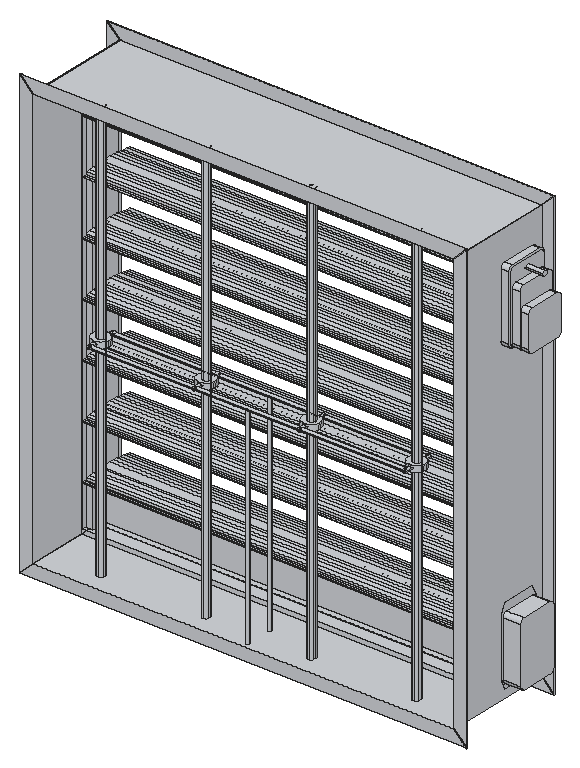
Revit family "X-11", category Mechanical Equipment, Revit 2015
Parameters
  URL = "http://unitedenertech.com/catalog/pdf/O_4%20X-11%20In%20Duct%20IAQ%20Station.pdf"
  Type Comments = "Max. Single Section Size is (60\"w x 72\"h)"
  Sleeve Width O.D. [instance] = Exact Width + 0' 3"  # 4' - 3"
  Sleeve Height O.D. [instance] = Exact Height + 0' 3"  # 4' - 3"
  Model = "X-11"
  (4) Tube Visibility [instance] = if(Exact Width > 2' 11 251/256", 2 > 1, 1 > 2)  # yes
  (3) Tube Visibility [instance] = if(and(Exact Width > 1' 11 251/256", Exact Width < 2' 11 251/256"), 2 > 1, 1 > 2)  # no
  (2) Tube Visibility [instance] = if(and(Exact Width > 0' 11 251/256", Exact Width < 1' 11 251/256"), 2 > 1, 1 > 2)  # no
  (1) Tube Visibility [instance] = if(Exact Width < 0' 11 251/256", 2 > 1, 1 > 2)  # no
  Manufacturer = "United Enertech Corporation"
  Keynote = "Flow Sensors set to visibility parameters, correct number and spacing will show when loaded into project."
  Exact Width = 4' - 0"
  Exact Height = 4' - 0"
  Description = "In Duct Air Quality Measuring Station with CD-150"
  Depth = 1' - 0 1/2"
  Damper Width [instance] = Exact Width - 0' 0 1/4"  # 3' - 11 3/4"
  Damper Height [instance] = Exact Height - 0' 0 1/4"  # 3' - 11 3/4"
Reference planes (in)
  plane 1 "Center (Front/Back)": y = 0
  plane 2: z = 0
  plane 3 "Center (Left/Right)": x = 0
  plane 4: x = -24
  plane 5: x = 24
  plane 6: z = 48
  plane 7: y = 12.5
  plane 8: z = 24
  plane 9: x = 24.0478
  plane 10: z = 44.62969
  plane 11: y = 2.1952
Forms (in)
  Extrusion 1, solid
    sketch origin (13, 0.1875, 0) x (1, 0, 0) y (0, 1, 0)
      loop
        circle (-13, 0.45626) r 0.1875
    from 0 to 24
  Extrusion 2, solid
    sketch origin (13, 3.29038, 0) x (1, 0, 0) y (0, 1, 0)
      loop
        circle (-13, 0.45626) r 0.1875
    from 0 to 24
Dimensions and locks (in)
  equal spacing: plane 4, plane 3 "Center (Left/Right)", plane 5
  "Exact Width": plane 4 to plane 5
  "Exact Height": plane 6 to level
  "Depth": plane 7 to plane 1 "Center (Front/Back)"
  equal spacing: plane 6, plane 8, level
  locked: plane 9 to plane 5 at 0.0478
  locked: plane 6 to plane 10 at 3.37031
  aligned and locked: level to plane 2
  aligned and locked: nested 1 to plane 4
  aligned and locked: plane 5 to nested 3
  aligned and locked: plane 3 "Center (Left/Right)" to nested 2
  aligned and locked: nested 4 to plane 3 "Center (Left/Right)"
  aligned and locked: level to nested 2
  aligned and locked: plane 6 to nested 4
  aligned and locked: plane 3 "Center (Left/Right)" to nested 5
  aligned and locked: plane 8 to Extrusion 1
  aligned and locked: plane 8 to Extrusion 2
  aligned and locked: plane 10 to nested 7
  aligned and locked: plane 9 to nested 7
  aligned and locked: plane 9 to nested 8
  aligned and locked: plane 3 "Center (Left/Right)" to nested 6
  aligned and locked: plane 11 to nested 9
  aligned and locked: plane 3 "Center (Left/Right)" to nested 9
  aligned and locked: plane 11 to nested 10
  aligned and locked: plane 3 "Center (Left/Right)" to nested 10
  aligned and locked: plane 11 to nested 11
  aligned and locked: plane 3 "Center (Left/Right)" to nested 11
Automatic sketch dimensions
  Extrusion 1 sketch curve to plane 3 "Center (Left/Right)" = 0' - 0"
  Extrusion 1 sketch curve to plane 1 "Center (Front/Back)" = 0' - 0.64376"
  Extrusion 2 sketch curve to plane 3 "Center (Left/Right)" = 0' - 0"
  Extrusion 2 sketch curve to plane 1 "Center (Front/Back)" = 0' - 3.74664"
  radius of Extrusion 1 sketch curve = 0' - 0 3/16"
  radius of Extrusion 2 sketch curve = 0' - 0 3/16"
Nested families (in)
  nested 1: "X11 Sleeve" at (-25.5, 5.5, -1.5), type "X11 Sleeve"
    with Sleeve Height 4' - 3"
  nested 2: "X11 Sleeve Sill" at (0, 12.5, -1.5), type "X11 Sleeve Sill"
    with Sleeve Length 4' - 3"
  nested 3: "X11 Sleeve" at (25.5, 5.5, -1.5) x (-1, 0, 0) z (0, 0, 1), type "X11 Sleeve"
    with Sleeve Height 4' - 3"
  nested 4: "X11 Sleeve Sill" at (0, 12.5, 49.5) x (1, 0, 0) z (0, 0, -1), type "X11 Sleeve Sill"
    with Sleeve Length 4' - 3"
  nested 5: "CD-150,151" at (0, 6.77656, 0.125), type "CD-150,151"
    with Blade Number 7, BW 3' - 9 13/16", Exact Width 3' - 11 3/4", Exact Height 3' - 11 3/4"
  nested 6: "Vertical Tubes" at (0, 2.1952, 0), visible <- "(1) Tube Visibility", type "Vertical Tubes"
    with Tube Height 4' - 0"
  nested 7: "Actuator" at (26.08359, 8.92639, 0), type "Actuator"
  nested 8: "Transducer" at (38.21171, 19.38188, 4.28734), type "Transducer"
  nested 9: "2 Tubes" at (0, 2.1952, 0), visible <- "(2) Tube Visibility", type "2 Tubes"
    with Tube End 1' - 0", Tube Width 4' - 0", Tube Height 4' - 0"
  nested 10: "3 Tubes" at (0, 2.1952, 0), visible <- "(3) Tube Visibility", type "3 Tubes"
    with Tube End 0' - 8", Tube Width 4' - 0", Tube Height 4' - 0"
  nested 11: "4 Tubes" at (0, 2.1952, 0), visible <- "(4) Tube Visibility", type "4 Tubes"
    with Tube Middle 1' - 0", Tube End 0' - 6", Tube Width 4' - 0", Tube Height 4' - 0"
Definition of nested family "X11 Sleeve"
  Parameters (values of type "X11 Sleeve")
    Sleeve Height = 3' - 0"
  Reference planes (in)
    plane 1 "Center (Front/Back)": y = 0
    plane 2: z = 0
    plane 3 "Center (Left/Right)": x = 0
    plane 4: z = 36
  Forms (in)
    Extrusion 1, solid
      sketch origin (34.47473, 6.1468, 0) x (1, 0, 0) y (0, 1, 0)
        loop
          line (-34.47473, -11.6468) -> (-32.97473, -11.6468) -> (-32.97473, 0.8532) -> (-34.47473, 0.8532) -> (-34.47473, 0.8054) -> (-33.02253, 0.8054) -> (-33.02253, -11.599) -> (-34.47473, -11.599) -> (-34.47473, -11.6468)
      from 0 to 36
    Extrusion 2, void
      sketch origin (1.56793, 0, -1.56793) x (1, 0, 0) y (0, 0, 1)
        loop
          line (-1.56793, 37.56793) -> (3.35876, 32.64124) -> (3.35876, 37.56793) -> (-1.56793, 37.56793)
      from -11.65041 to 12
    Extrusion 3, void
      sketch origin (1.56793, 0, 25.56793) x (1, 0, 0) y (0, 0, 1)
        loop
          line (-1.56793, -25.56793) -> (3.35876, -25.56793) -> (3.35876, -20.64124) -> (-1.56793, -25.56793)
      from -11.65041 to 12
  Cuts and joins
    Extrusion 2, Extrusion 3 cuts Extrusion 1
  Dimensions and locks (in)
    "Sleeve Height": plane 4 to level
    aligned and locked: level to plane 2
    aligned and locked: plane 4 to Extrusion 1
    aligned and locked: Extrusion 1 to level
    aligned and locked: plane 4 to Extrusion 2
  Automatic sketch dimensions
    Extrusion 1 sketch curve to plane 3 "Center (Left/Right)" = 0' - 0"  (x2)
    Extrusion 1 sketch curve to Extrusion 1 sketch curve = 0' - 1.4522"
    Extrusion 1 sketch curve to Extrusion 1 sketch curve = 0' - 0.0478"  (x3)
    plane 1 "Center (Front/Back)" to Extrusion 1 sketch curve = 0' - 5 1/2"
    Extrusion 1 sketch curve to plane 1 "Center (Front/Back)" = 0' - 6.9522"
    Extrusion 2 sketch curve to plane 4 = 0' - 0"
    plane 3 "Center (Left/Right)" to Extrusion 2 sketch curve = 0' - 0"
    Extrusion 2 sketch curve to Extrusion 2 sketch curve = 0' - 4.92669"
    Extrusion 2 sketch curve to plane 4 = 0' - 4.92669"
    Extrusion 3 sketch curve to plane 3 "Center (Left/Right)" = 0' - 0"
    Extrusion 3 sketch curve to Extrusion 3 sketch curve = 0' - 4.92669"  (x2)
    Extrusion 3 sketch curve to level = 0' - 4.92669"
Definition of nested family "X11 Sleeve Sill"
  Parameters (values of type "X11 Sleeve Sill")
    Sleeve Length = 3' - 0"
  Reference planes (in)
    plane 1 "Center (Front/Back)": y = 0
    plane 2: z = 0
    plane 3 "Center (Left/Right)": x = 0
    plane 4: x = -18
    plane 5: x = 18
  Forms (in)
    Extrusion 1, solid
      sketch origin (-42.29598, -20.63756, 37.04598) x (0, 0, 1) y (0, -1, 0)
        loop
          line (-37.04598, -20.58976) -> (-37.04598, -20.63756) -> (-35.54598, -20.63756) -> (-35.54598, -8.13756) -> (-37.04598, -8.13756) -> (-37.04598, -8.18536) -> (-35.59378, -8.18536) -> (-35.59378, -20.58976) -> (-37.04598, -20.58976)
      from 24.29598 to 60.29598
    Extrusion 2, void
      sketch origin (10.42893, 0, 0.17893) x (1, 0, 0) y (0, 0, 1)
        loop
          line (-28.42893, -0.17893) -> (-21.17893, 7.07107) -> (-28.42893, 7.07107) -> (-28.42893, -0.17893)
      from -6.68931 to 21.72437
    Extrusion 3, void
      sketch origin (-20.10051, 0, 0.10051) x (1, 0, 0) y (0, 0, 1)
        loop
          line (38.10051, -0.10051) -> (38.10051, 9.89949) -> (28.10051, 9.89949) -> (38.10051, -0.10051)
      from -12.76887 to 21.72437
  Cuts and joins
    Extrusion 2, Extrusion 3 cuts Extrusion 1
  Dimensions and locks (in)
    equal spacing: plane 4, plane 3 "Center (Left/Right)", plane 5
    "Sleeve Length": plane 4 to plane 5
    aligned and locked: level to plane 2
    aligned and locked: plane 5 to Extrusion 1
    aligned and locked: plane 4 to Extrusion 1
    aligned and locked: plane 4 to Extrusion 2
    aligned and locked: plane 5 to Extrusion 3
  Automatic sketch dimensions
    Extrusion 1 sketch curve to level = 0' - 0"  (x2)
    Extrusion 1 sketch curve to plane 1 "Center (Front/Back)" = 0' - 0"
    plane 1 "Center (Front/Back)" to Extrusion 1 sketch curve = 0' - 0.0478"
    level to Extrusion 1 sketch curve = 0' - 1.4522"
    Extrusion 1 sketch curve to Extrusion 1 sketch curve = 0' - 0.0478"  (x2)
    Extrusion 1 sketch curve to Extrusion 1 sketch curve = 1' - 0.4044"
    level to Extrusion 2 sketch curve = 0' - 0"
    Extrusion 2 sketch curve to plane 4 = 0' - 7 1/4"
    level to Extrusion 2 sketch curve = 0' - 7 1/4"
    Extrusion 2 sketch curve to Extrusion 2 sketch curve = 0' - 7 1/4"
    level to Extrusion 3 sketch curve = 0' - 0"
    Extrusion 3 sketch curve to plane 5 = 0' - 10"
    level to Extrusion 3 sketch curve = 0' - 10"
    Extrusion 3 sketch curve to Extrusion 3 sketch curve = 0' - 10"
Definition of nested family "CD-150,151"
  Parameters (values of type "CD-150,151")
    URL = "http://unitedenertech.com/catalog/pdf/A_9,%2010,%2011,%2012%20CD-150,%20151.pdf"
    Type Comments = "Max. Single Section Size is (60\"w x 72\"h)"
    Model = "CD-150, CD-151"
    Manufacturer = "United Enertech Corporation"
    Keynote = "This model is only a representation of the product, blade position will vary from built dampers."
    Exact Width = 4' - 0"
    Exact Height = 4' - 2"
    Description = "Airfoil Opposed Blade / Parallel Blade Control Damper"
    Blade Spacing = 0' - 6 1/4"
    Blade Number [instance] = rounddown((Exact Height - 0' 2 3/4") / Blade Spacing)  # 7
    BW [instance] = Exact Width - 0' 1 15/16"  # 3' - 10 1/16"
  Reference planes (in)
    plane 1 "Center (Front/Back)": y = 0
    plane 2: z = 0
    plane 3 "Center (Left/Right)": x = 0
    plane 4: x = -24
    plane 5: x = 24
    plane 6: z = 50
    plane 7: z = 0.5
    plane 8: z = 49.5
    plane 9: x = -23.125
    plane 10: x = 23.125
    plane 11: z = 46.20312
  Forms (in)
    Extrusion 1, solid
      sketch origin (-10.94563, 56.53311, 0) x (0, 1, 0) y (-1, 0, 0)
        loop
          line (-56.53311, 12.97437) -> (-56.07011, 12.97437) -> (-56.07011, 12.17937) -> (-52.49611, 12.17937) -> (-52.49611, 12.97437) -> (-52.03311, 12.97437) -> (-52.03311, 13.05437) -> (-52.57611, 13.05437) -> (-52.57611, 12.46516) -> (-52.61757, 12.51649) -> (-52.6794, 12.56048) -> (-52.75426, 12.58054) -> (-52.77072, 12.48933)
          arc (-52.77072, 12.48933) -> (-52.68095, 12.36712) -> (-52.81664, 12.43482) r 0.078
          line (-52.81664, 12.43482) -> (-52.90129, 12.4267) -> (-52.87778, 12.33896) -> (-52.8428, 12.29687) -> (-52.79089, 12.25937) -> (-55.76027, 12.25937) -> (-55.71053, 12.30912) -> (-55.67609, 12.36632) -> (-55.67078, 12.44579) -> (-55.75297, 12.44579)
          arc (-55.75297, 12.44579) -> (-55.87883, 12.36035) -> (-55.80226, 12.4918) r 0.078
          line (-55.80226, 12.4918) -> (-55.81534, 12.5768) -> (-55.90864, 12.5518) -> (-55.94901, 12.51604) -> (-55.99011, 12.45116) -> (-55.99011, 13.05437) -> (-56.53311, 13.05437) -> (-56.53311, 12.97437)
      from 0.5 to 49.5
    Extrusion 2, solid
      sketch origin (10.94563, 56.53311, 0) x (0, 1, 0) y (-1, 0, 0)
        loop
          line (-56.53311, -12.97437) -> (-56.53311, -13.05437) -> (-55.99011, -13.05437) -> (-55.99011, -12.45116) -> (-55.94901, -12.51604) -> (-55.90864, -12.5518) -> (-55.81534, -12.5768) -> (-55.80226, -12.4918)
          arc (-55.80226, -12.4918) -> (-55.87883, -12.36035) -> (-55.75297, -12.44579) r 0.078
          line (-55.75297, -12.44579) -> (-55.67078, -12.44579) -> (-55.67609, -12.36632) -> (-55.71053, -12.30912) -> (-55.76027, -12.25937) -> (-52.79089, -12.25937) -> (-52.8428, -12.29687) -> (-52.87778, -12.33896) -> (-52.90129, -12.4267) -> (-52.81664, -12.43482)
          arc (-52.81664, -12.43482) -> (-52.68095, -12.36712) -> (-52.77072, -12.48933) r 0.078
          line (-52.77072, -12.48933) -> (-52.75426, -12.58054) -> (-52.6794, -12.56048) -> (-52.61757, -12.51649) -> (-52.57611, -12.46516) -> (-52.57611, -13.05437) -> (-52.03311, -13.05437) -> (-52.03311, -12.97437) -> (-52.49611, -12.97437) -> (-52.49611, -12.17937) -> (-56.07011, -12.17937) -> (-56.07011, -12.97437) -> (-56.53311, -12.97437)
      from 0.5 to 49.5
    Extrusion 3, solid
      sketch origin (-23.46325, -52.03311, -12.20737) x (0, -1, 0) y (0, 0, 1)
        loop
          line (-56.34511, 12.28737) -> (-56.45311, 12.28737) -> (-56.45311, 12.62737) -> (-52.11311, 12.62737) -> (-52.11311, 12.28737) -> (-52.22111, 12.28737) -> (-52.22111, 12.20737) -> (-52.03311, 12.20737) -> (-52.03311, 12.70737) -> (-56.53311, 12.70737) -> (-56.53311, 12.20737) -> (-56.34511, 12.20737) -> (-56.34511, 12.28737)
      from -47.46325 to 0.53675
    Extrusion 4, solid
      sketch origin (-35.31788, -52.03311, 54.20737) x (0, -1, 0) y (0, 0, -1)
        loop
          line (-56.34511, 4.28737) -> (-56.45311, 4.28737) -> (-56.45311, 4.62737) -> (-52.11311, 4.62737) -> (-52.11311, 4.28737) -> (-52.22111, 4.28737) -> (-52.22111, 4.20737) -> (-52.03311, 4.20737) -> (-52.03311, 4.70737) -> (-56.53311, 4.70737) -> (-56.53311, 4.20737) -> (-56.34511, 4.20737) -> (-56.34511, 4.28737)
      from 11.31788 to 59.31788
    Extrusion 5, solid
      sketch origin (-54.80861, -46.85261, 19.59636) x (0, -1, 0) y (0, 0, -1)
        loop
          line (-49.18361, -29.40464) -> (-49.18361, -29.90364) -> (-48.43361, -29.90364) -> (-48.43361, -29.82364) -> (-49.10261, -29.82364) -> (-49.10261, -29.40464) -> (-49.18361, -29.40464)
      from 31.68361 to 77.93361
    Extrusion 6, solid
      sketch origin (0, -0.20948, -0.41805) x (0, 1, 0) y (0, 0, 1)
        loop
          line (2.45948, 4.91805) -> (2.38136, 4.91805) -> (2.38136, 0.99617) -> (1.70948, 0.99617) -> (1.70948, 0.91805) -> (2.45948, 0.91805) -> (2.45948, 4.91805)
      from -23.125 to 23.125
  Dimensions and locks (in)
    equal spacing: plane 4, plane 3 "Center (Left/Right)", plane 5
    "Exact Width": plane 4 to plane 5
    "Exact Height": plane 6 to level
    locked: plane 7 to level at 0.5
    locked: plane 6 to plane 8 at 0.5
    locked: plane 4 to plane 9 at 0.875
    locked: plane 10 to plane 5 at 0.875
    locked: plane 6 to plane 11 at 3.79688
    equal spacing: group 1, group 2, group 3, group 4, group 5, group 6, group 7  (x2)
    equal spacing: group 7, group 6, group 5, group 4, group 3, group 2, group 1
    "Blade Spacing": nested 2 to nested 1
    aligned and locked: level to plane 2
    aligned and locked: Extrusion 1 to plane 7
    aligned and locked: Extrusion 2 to plane 7
    aligned and locked: plane 5 to Extrusion 3
    aligned and locked: plane 4 to Extrusion 3
    aligned and locked: plane 6 to Extrusion 4
    aligned and locked: plane 5 to Extrusion 4
    aligned and locked: plane 4 to Extrusion 4
    aligned and locked: plane 8 to Extrusion 1
    aligned and locked: plane 8 to Extrusion 2
    aligned and locked: Extrusion 5 to Extrusion 4
    aligned and locked: plane 10 to Extrusion 5
    aligned and locked: Extrusion 5 to plane 9
    aligned and locked: nested 1 to plane 11
    aligned and locked: Extrusion 6 to plane 9
    aligned and locked: plane 10 to Extrusion 6
  Automatic sketch dimensions
    plane 1 "Center (Front/Back)" to Extrusion 1 sketch curve = 0' - 0"
    Extrusion 1 sketch curve to plane 9 = 0' - 0"
    Extrusion 1 sketch curve to plane 4 = 0' - 0"  (x2)
    Extrusion 1 sketch curve to plane 4 = 0' - 0.08"  (x2)
    Extrusion 1 sketch curve to plane 1 "Center (Front/Back)" = 0' - 0.463"
    Extrusion 1 sketch curve to Extrusion 1 sketch curve = 0' - 0.08"  (x2)
    Extrusion 1 sketch curve to Extrusion 1 sketch curve = 0' - 0.0411"
    Extrusion 1 sketch curve to Extrusion 1 sketch curve = 0' - 0.04037"
    Extrusion 1 sketch curve to Extrusion 1 sketch curve = 0' - 0.08303"
    Extrusion 1 sketch curve to Extrusion 1 sketch curve = 0' - 0.0933"
    Extrusion 1 sketch curve to plane 9 = 0' - 0.31242"
    Extrusion 1 sketch curve to Extrusion 1 sketch curve = 0' - 0.02335"
    Extrusion 1 sketch curve to plane 9 = 0' - 0.08"
    Extrusion 1 sketch curve to Extrusion 1 sketch curve = 0' - 0.06534"
    Extrusion 1 sketch curve to Extrusion 1 sketch curve = 0' - 0.04929"
    Extrusion 1 sketch curve to plane 9 = 0' - 0.12974"
    Extrusion 1 sketch curve to Extrusion 1 sketch curve = 0' - 0.04974"
    Extrusion 1 sketch curve to plane 9 = 0' - 0.18694"
    Extrusion 1 sketch curve to Extrusion 1 sketch curve = 0' - 0.03444"
    Extrusion 1 sketch curve to Extrusion 1 sketch curve = 0' - 0.00531"
    Extrusion 1 sketch curve to plane 9 = 0' - 0.24733"
    Extrusion 1 sketch curve to Extrusion 1 sketch curve = 0' - 2.76949"
    Extrusion 1 sketch curve to plane 9 = 0' - 0.15959"
    Extrusion 1 sketch curve to Extrusion 1 sketch curve = 0' - 0.02351"
    Extrusion 1 sketch curve to plane 9 = 0' - 0.11749"
    Extrusion 1 sketch curve to Extrusion 1 sketch curve = 0' - 0.03498"
    Extrusion 1 sketch curve to plane 9 = 0' - 0.25544"
    Extrusion 1 sketch curve to Extrusion 1 sketch curve = 0' - 0.08465"
    Extrusion 1 sketch curve to Extrusion 1 sketch curve = 0' - 0.05191"
    Extrusion 1 sketch curve to plane 9 = 0' - 0.30996"
    Extrusion 1 sketch curve to Extrusion 1 sketch curve = 0' - 0.04592"
    Extrusion 1 sketch curve to plane 9 = 0' - 0.40116"
    Extrusion 1 sketch curve to Extrusion 1 sketch curve = 0' - 0.01646"
    Extrusion 1 sketch curve to Extrusion 1 sketch curve = 0' - 0.03011"
    Extrusion 1 sketch curve to plane 9 = 0' - 0.3811"
    Extrusion 1 sketch curve to Extrusion 1 sketch curve = 0' - 0.07486"
    Extrusion 1 sketch curve to plane 9 = 0' - 0.33712"
    Extrusion 1 sketch curve to Extrusion 1 sketch curve = 0' - 0.06183"
    Extrusion 1 sketch curve to Extrusion 1 sketch curve = 0' - 0.04146"
    Extrusion 1 sketch curve to Extrusion 1 sketch curve = 0' - 0.463"
    Extrusion 1 sketch curve to Extrusion 1 sketch curve = 0' - 0.07442"
    Extrusion 1 sketch curve to Extrusion 1 sketch curve = 0' - 0.03378"
    Extrusion 1 sketch curve to Extrusion 1 sketch curve = 0' - 0.05133"
    Extrusion 1 sketch curve to Extrusion 1 sketch curve = 0' - 0.06488"
    Extrusion 1 sketch curve to Extrusion 1 sketch curve = 0' - 0.03576"
    Extrusion 1 sketch curve to Extrusion 1 sketch curve = 0' - 0.085"
    plane 1 "Center (Front/Back)" to Extrusion 2 sketch curve = 0' - 0"
    Extrusion 2 sketch curve to plane 10 = 0' - 0"
    Extrusion 2 sketch curve to plane 5 = 0' - 0"  (x2)
    plane 5 to Extrusion 2 sketch curve = 0' - 0.08"  (x2)
    Extrusion 2 sketch curve to Extrusion 2 sketch curve = 0' - 0.463"  (x2)
    Extrusion 2 sketch curve to Extrusion 2 sketch curve = 0' - 0.08"  (x2)
    Extrusion 2 sketch curve to Extrusion 2 sketch curve = 0' - 0.0411"
    Extrusion 2 sketch curve to Extrusion 2 sketch curve = 0' - 0.04037"
    Extrusion 2 sketch curve to Extrusion 2 sketch curve = 0' - 0.08303"
    Extrusion 2 sketch curve to Extrusion 2 sketch curve = 0' - 0.0933"
    Extrusion 2 sketch curve to plane 10 = 0' - 0.31242"
    Extrusion 2 sketch curve to Extrusion 2 sketch curve = 0' - 0.02335"
    Extrusion 2 sketch curve to plane 10 = 0' - 0.08"
    Extrusion 2 sketch curve to Extrusion 2 sketch curve = 0' - 0.06534"
    Extrusion 2 sketch curve to Extrusion 2 sketch curve = 0' - 0.04929"
    Extrusion 2 sketch curve to plane 10 = 0' - 0.12974"
    Extrusion 2 sketch curve to Extrusion 2 sketch curve = 0' - 0.04974"
    Extrusion 2 sketch curve to plane 10 = 0' - 0.18694"
    Extrusion 2 sketch curve to Extrusion 2 sketch curve = 0' - 0.03444"
    Extrusion 2 sketch curve to Extrusion 2 sketch curve = 0' - 0.00531"
    Extrusion 2 sketch curve to plane 10 = 0' - 0.24733"
    Extrusion 2 sketch curve to Extrusion 2 sketch curve = 0' - 2.76949"
    Extrusion 2 sketch curve to plane 10 = 0' - 0.15959"
    Extrusion 2 sketch curve to Extrusion 2 sketch curve = 0' - 0.02351"
    Extrusion 2 sketch curve to plane 10 = 0' - 0.11749"
    Extrusion 2 sketch curve to Extrusion 2 sketch curve = 0' - 0.03498"
    Extrusion 2 sketch curve to plane 10 = 0' - 0.25544"
    Extrusion 2 sketch curve to Extrusion 2 sketch curve = 0' - 0.08465"
    Extrusion 2 sketch curve to Extrusion 2 sketch curve = 0' - 0.05191"
    Extrusion 2 sketch curve to plane 10 = 0' - 0.30996"
    Extrusion 2 sketch curve to Extrusion 2 sketch curve = 0' - 0.04592"
    Extrusion 2 sketch curve to plane 10 = 0' - 0.40116"
    Extrusion 2 sketch curve to Extrusion 2 sketch curve = 0' - 0.01646"
    Extrusion 2 sketch curve to Extrusion 2 sketch curve = 0' - 0.07602"
    Extrusion 2 sketch curve to plane 10 = 0' - 0.3811"
    Extrusion 2 sketch curve to Extrusion 2 sketch curve = 0' - 0.07486"
    Extrusion 2 sketch curve to plane 10 = 0' - 0.33712"
    Extrusion 2 sketch curve to Extrusion 2 sketch curve = 0' - 0.06183"
    Extrusion 2 sketch curve to Extrusion 2 sketch curve = 0' - 0.04146"
    Extrusion 2 sketch curve to Extrusion 2 sketch curve = 0' - 0.07442"
    Extrusion 2 sketch curve to Extrusion 2 sketch curve = 0' - 0.03378"
    Extrusion 2 sketch curve to Extrusion 2 sketch curve = 0' - 0.05133"
    Extrusion 2 sketch curve to Extrusion 2 sketch curve = 0' - 0.06488"
    Extrusion 2 sketch curve to Extrusion 2 sketch curve = 0' - 0.03576"
    Extrusion 2 sketch curve to Extrusion 2 sketch curve = 0' - 0.085"
    Extrusion 3 sketch curve to level = 0' - 0"  (x2)
    Extrusion 3 sketch curve to plane 7 = 0' - 0"
    Extrusion 3 sketch curve to plane 1 "Center (Front/Back)" = 0' - 0"
    Extrusion 3 sketch curve to plane 1 "Center (Front/Back)" = 0' - 0.08"
    Extrusion 3 sketch curve to Extrusion 3 sketch curve = 0' - 0.108"  (x2)
    Extrusion 3 sketch curve to Extrusion 3 sketch curve = 0' - 4.124"
    Extrusion 3 sketch curve to plane 7 = 0' - 0.08"
    Extrusion 3 sketch curve to Extrusion 3 sketch curve = 0' - 0.08"
    level to Extrusion 3 sketch curve = 0' - 0.08"  (x2)
    plane 8 to Extrusion 4 sketch curve = 0' - 0"
    Extrusion 4 sketch curve to plane 6 = 0' - 0"  (x2)
    Extrusion 4 sketch curve to plane 1 "Center (Front/Back)" = 0' - 0"
    Extrusion 4 sketch curve to plane 1 "Center (Front/Back)" = 0' - 0.08"
    Extrusion 4 sketch curve to Extrusion 4 sketch curve = 0' - 0.108"  (x2)
    Extrusion 4 sketch curve to plane 6 = 0' - 0.08"  (x2)
    Extrusion 4 sketch curve to Extrusion 4 sketch curve = 0' - 4.124"
    Extrusion 4 sketch curve to Extrusion 4 sketch curve = 0' - 0.08"
    plane 8 to Extrusion 4 sketch curve = 0' - 0.08"
    plane 7 to Extrusion 5 sketch curve = 4' - 1"
    Extrusion 5 sketch curve to plane 1 "Center (Front/Back)" = 0' - 2.331"
    Extrusion 5 sketch curve to Extrusion 5 sketch curve = 0' - 0.081"
    Extrusion 5 sketch curve to Extrusion 5 sketch curve = 0' - 0.669"
    Extrusion 5 sketch curve to Extrusion 5 sketch curve = 0' - 0.08"
    Extrusion 5 sketch curve to Extrusion 5 sketch curve = 0' - 0.419"
    plane 7 to Extrusion 6 sketch curve = 0' - 0 5/64"
    Extrusion 6 sketch curve to plane 1 "Center (Front/Back)" = 0' - 1 1/2"
    Extrusion 6 sketch curve to plane 1 "Center (Front/Back)" = 0' - 2 11/64"
    Extrusion 6 sketch curve to Extrusion 6 sketch curve = 0' - 0 5/64"  (x2)
    Extrusion 6 sketch curve to Extrusion 6 sketch curve = 0' - 3 59/64"
  Nested families (in)
    nested 1: "150BL" at (0, 10.1786, 39.81342), type "150BL"
      with Blade Width 3' - 10 1/16"
    nested 2: "150BL" at (0, 10.1786, 33.56342), type "150BL"
      with Blade Width 3' - 10 1/16"
    nested 3: "150BL" at (0, 10.1786, 27.31342), type "150BL"
      with Blade Width 3' - 10 1/16"
    nested 4: "150BL" at (0, 10.1786, 21.06342), type "150BL"
      with Blade Width 3' - 10 1/16"
    nested 5: "150BL" at (0, 10.1786, 14.81342), type "150BL"
      with Blade Width 3' - 10 1/16"
    nested 6: "150BL" at (0, 10.1786, 8.56342), type "150BL"
      with Blade Width 3' - 10 1/16"
    nested 7: "150BL" at (0, 10.1786, 2.31342), type "150BL"
      with Blade Width 3' - 10 1/16"
  Definition of nested family "150BL"
    Parameters (values of type "150BL")
      Blade Width = 2' - 0"
    Reference planes (in)
      plane 1 "Center (Front/Back)": y = 0
      plane 2: z = 0
      plane 3 "Center (Left/Right)": x = 0
      plane 4: x = -12
      plane 5: x = 12
      plane 6: x = -13
      plane 7: x = -10
      plane 8: x = 10
      plane 9: x = 13
    Forms (in)
      Extrusion 1, solid
        sketch origin (-2.31356, 40.79672, -3.60269) x (0, 1, 0) y (0, 0, 1)
          loop
            line (-36.34156, 9.61771) -> (-36.32084, 9.54039) -> (-35.91646, 9.6284) -> (-35.52979, 9.70143) -> (-35.52979, 9.45594) -> (-35.10866, 9.38863) -> (-34.56147, 9.31504) -> (-33.98979, 9.2547) -> (-33.44761, 9.21299) -> (-32.30457, 9.21299) -> (-31.84572, 9.23281) -> (-31.11827, 9.29444) -> (-30.2516, 9.41611) -> (-29.72802, 9.51555) -> (-29.39051, 9.59023) -> (-29.41121, 9.66748) -> (-29.81927, 9.57842) -> (-30.20697, 9.50493) -> (-30.20697, 9.74845) -> (-30.5749, 9.80785) -> (-31.09993, 9.88042) -> (-31.53804, 9.93011) -> (-31.97601, 9.96997) -> (-32.28761, 9.99239) -> (-33.44926, 9.99239) -> (-34.00709, 9.96562) -> (-34.46872, 9.92725) -> (-34.91646, 9.87588) -> (-35.39441, 9.80551) -> (-35.81337, 9.73043) -> (-36.34156, 9.61771)
          loop
            line (-30.28697, 9.49123) -> (-30.28697, 9.68086) -> (-30.60239, 9.7311) -> (-31.0903, 9.79859) -> (-31.68303, 9.86403) -> (-32.29119, 9.91242) -> (-32.80024, 9.91242) -> (-32.57304, 9.68523) -> (-32.68722, 9.68523) -> (-32.86812, 9.86613) -> (-33.13163, 9.60279) -> (-32.86812, 9.33929) -> (-32.69003, 9.51737) -> (-32.57591, 9.51737) -> (-32.80029, 9.29299) -> (-32.57455, 9.29299) -> (-32.18907, 9.29646) -> (-31.42211, 9.34456) -> (-30.77365, 9.4172) -> (-30.28697, 9.49123)
          loop
            line (-35.44979, 9.71556) -> (-35.44979, 9.52354) -> (-34.79776, 9.42561) -> (-34.05369, 9.34096) -> (-33.4461, 9.29302) -> (-32.93603, 9.29302) -> (-33.24571, 9.60271) -> (-32.936, 9.91242) -> (-33.4472, 9.91242) -> (-33.92906, 9.8905) -> (-34.59722, 9.83347) -> (-35.15668, 9.76166) -> (-35.44979, 9.71556)
        from -9.68644 to 14.31356
      Extrusion 2, solid
        sketch origin (-2.31356, 40.743, -0.94078) x (0, 1, 0) y (0, 0, 1)
          loop
            line (-32.81439, 7.20422) -> (-33.0779, 6.94088) -> (-32.81439, 6.67738) -> (-32.55097, 6.9408) -> (-32.81439, 7.20422)
        from 12.31356 to 15.31356
      Extrusion 3, solid
        sketch origin (-35.56356, 40.743, -0.94078) x (0, 1, 0) y (0, 0, 1)
          loop
            line (-32.81439, 7.20422) -> (-33.0779, 6.94088) -> (-32.81439, 6.67738) -> (-32.55097, 6.9408) -> (-32.81439, 7.20422)
        from 22.56356 to 25.56356
    Dimensions and locks (in)
      equal spacing: plane 4, plane 3 "Center (Left/Right)", plane 5
      "Blade Width": plane 4 to plane 5
      locked: plane 6 to plane 4 at 1
      locked: plane 4 to plane 7 at 2
      locked: plane 8 to plane 5 at 2
      locked: plane 5 to plane 9 at 1
      aligned and locked: level to plane 2
      aligned and locked: plane 5 to Extrusion 1
      aligned and locked: plane 4 to Extrusion 1
      aligned and locked: plane 9 to Extrusion 2
      aligned and locked: plane 8 to Extrusion 2
      aligned and locked: plane 6 to Extrusion 3
      aligned and locked: Extrusion 3 to plane 7
    Automatic sketch dimensions
      Extrusion 1 sketch curve to plane 1 "Center (Front/Back)" = 0' - 4.45517"
      Extrusion 1 sketch curve to Extrusion 1 sketch curve = 0' - 0.02072"
      Extrusion 1 sketch curve to Extrusion 1 sketch curve = 0' - 0.40438"
      Extrusion 1 sketch curve to Extrusion 1 sketch curve = 0' - 0.10309"
      Extrusion 1 sketch curve to Extrusion 1 sketch curve = 0' - 0.28358"
      Extrusion 1 sketch curve to Extrusion 1 sketch curve = 0' - 0.08"  (x3)
      Extrusion 1 sketch curve to Extrusion 1 sketch curve = 0' - 0.05538"
      Extrusion 1 sketch curve to Extrusion 1 sketch curve = 0' - 0.23773"
      Extrusion 1 sketch curve to Extrusion 1 sketch curve = 0' - 0.34113"
      Extrusion 1 sketch curve to Extrusion 1 sketch curve = 0' - 0.24022"
      Extrusion 1 sketch curve to Extrusion 1 sketch curve = 0' - 0.3109"
      Extrusion 1 sketch curve to Extrusion 1 sketch curve = 0' - 0.31924"
      Extrusion 1 sketch curve to Extrusion 1 sketch curve = 0' - 0.23629"
      Extrusion 1 sketch curve to Extrusion 1 sketch curve = 0' - 0.12851"
      Extrusion 1 sketch curve to Extrusion 1 sketch curve = 0' - 0.50778"
      Extrusion 1 sketch curve to Extrusion 1 sketch curve = 0' - 0.46162"
      Extrusion 1 sketch curve to Extrusion 1 sketch curve = 0' - 0.0639"
      Extrusion 1 sketch curve to Extrusion 1 sketch curve = 0' - 0.07803"
      Extrusion 1 sketch curve to Extrusion 1 sketch curve = 0' - 0.47981"
      Extrusion 1 sketch curve to Extrusion 1 sketch curve = 0' - 0.54218"
      Extrusion 1 sketch curve to Extrusion 1 sketch curve = 0' - 0.00206"
      Extrusion 1 sketch curve to Extrusion 1 sketch curve = 0' - 0.00152"
      Extrusion 1 sketch curve to Extrusion 1 sketch curve = 0' - 0.20038"
      Extrusion 1 sketch curve to Extrusion 1 sketch curve = 0' - 0.11409"
      Extrusion 1 sketch curve to Extrusion 1 sketch curve = 0' - 0.1956"
      Extrusion 1 sketch curve to Extrusion 1 sketch curve = 0' - 0.19563"
      Extrusion 1 sketch curve to Extrusion 1 sketch curve = 0' - 0.06791"
      Extrusion 1 sketch curve to Extrusion 1 sketch curve = 0' - 0.06788"  (x2)
      Extrusion 1 sketch curve to Extrusion 1 sketch curve = 0' - 0.06783"
      Extrusion 1 sketch curve to Extrusion 1 sketch curve = 0' - 0.11025"
      Extrusion 1 sketch curve to Extrusion 1 sketch curve = 0' - 0.00282"
      Extrusion 1 sketch curve to Extrusion 1 sketch curve = 0' - 0.11413"
      Extrusion 1 sketch curve to Extrusion 1 sketch curve = 0' - 0.00136"
      Extrusion 1 sketch curve to Extrusion 1 sketch curve = 0' - 0.11417"
      Extrusion 1 sketch curve to Extrusion 1 sketch curve = 0' - 0.26998"
      Extrusion 1 sketch curve to Extrusion 1 sketch curve = 0' - 0.28185"
      Extrusion 1 sketch curve to Extrusion 1 sketch curve = 0' - 0.00359"
      Extrusion 1 sketch curve to Extrusion 1 sketch curve = 0' - 0.1155"
      Extrusion 1 sketch curve to Extrusion 1 sketch curve = 0' - 0.3116"
      Extrusion 1 sketch curve to Extrusion 1 sketch curve = 0' - 0.34335"
      Extrusion 1 sketch curve to Extrusion 1 sketch curve = 0' - 0 75/256"
      Extrusion 1 sketch curve to Extrusion 1 sketch curve = 0' - 0.14499"
      Extrusion 1 sketch curve to Extrusion 1 sketch curve = 0' - 0.42361"
      Extrusion 1 sketch curve to Extrusion 1 sketch curve = 0' - 0.30383"
      Extrusion 1 sketch curve to Extrusion 1 sketch curve = 0' - 0.43811"
      Extrusion 1 sketch curve to Extrusion 1 sketch curve = 0' - 0.00963"
      Extrusion 1 sketch curve to Extrusion 1 sketch curve = 0' - 0.34462"
      Extrusion 1 sketch curve to Extrusion 1 sketch curve = 0' - 0.17127"
      Extrusion 1 sketch curve to Extrusion 1 sketch curve = 0' - 0.02749"
      Extrusion 1 sketch curve to Extrusion 1 sketch curve = 0' - 0.31542"
      Extrusion 1 sketch curve to Extrusion 1 sketch curve = 0' - 0.03537"
      Extrusion 1 sketch curve to Extrusion 1 sketch curve = 0' - 0.3877"
      Extrusion 1 sketch curve to Extrusion 1 sketch curve = 0' - 0.09125"
      Extrusion 1 sketch curve to Extrusion 1 sketch curve = 0' - 0.31681"
      Extrusion 1 sketch curve to Extrusion 1 sketch curve = 0' - 0.0207"
      level to Extrusion 1 sketch curve = 0' - 5.6103"
      Extrusion 1 sketch curve to Extrusion 1 sketch curve = 0' - 0.01982"
      Extrusion 1 sketch curve to Extrusion 1 sketch curve = 0' - 0.04171"
      Extrusion 1 sketch curve to Extrusion 1 sketch curve = 0' - 0.00003"
      Extrusion 1 sketch curve to Extrusion 1 sketch curve = 0' - 0.06162"
      Extrusion 1 sketch curve to Extrusion 1 sketch curve = 0' - 0.08347"
      Extrusion 1 sketch curve to Extrusion 1 sketch curve = 0' - 0.06034"
      Extrusion 1 sketch curve to Extrusion 1 sketch curve = 0' - 0.04629"  (x3)
      Extrusion 1 sketch curve to Extrusion 1 sketch curve = 0' - 0.08627"
      Extrusion 1 sketch curve to Extrusion 1 sketch curve = 0' - 0.05012"
      Extrusion 1 sketch curve to Extrusion 1 sketch curve = 0' - 0.0736"
      Extrusion 1 sketch curve to Extrusion 1 sketch curve = 0' - 0.12167"
      Extrusion 1 sketch curve to Extrusion 1 sketch curve = 0' - 0.12276"
      Extrusion 1 sketch curve to Extrusion 1 sketch curve = 0' - 0.11057"
      Extrusion 1 sketch curve to Extrusion 1 sketch curve = 0' - 0.0673"
      Extrusion 1 sketch curve to Extrusion 1 sketch curve = 0' - 0.07512"  (x2)
      Extrusion 1 sketch curve to Extrusion 1 sketch curve = 0' - 0.0137"
      Extrusion 1 sketch curve to Extrusion 1 sketch curve = 0' - 0.01061"
      Extrusion 1 sketch curve to Extrusion 1 sketch curve = 0' - 0.22438"
      Extrusion 1 sketch curve to Extrusion 1 sketch curve = 0' - 0.0676"  (x2)
      Extrusion 1 sketch curve to Extrusion 1 sketch curve = 0' - 0.08446"
      Extrusion 1 sketch curve to Extrusion 1 sketch curve = 0' - 0.06287"
      Extrusion 1 sketch curve to Extrusion 1 sketch curve = 0' - 0.07468"
      Extrusion 1 sketch curve to Extrusion 1 sketch curve = 0' - 0.00008"
      Extrusion 1 sketch curve to Extrusion 1 sketch curve = 0' - 0.07732"
      Extrusion 1 sketch curve to Extrusion 1 sketch curve = 0' - 0.08801"
      Extrusion 1 sketch curve to Extrusion 1 sketch curve = 0' - 0.07726"
      Extrusion 1 sketch curve to Extrusion 1 sketch curve = 0' - 0.18963"
      Extrusion 1 sketch curve to Extrusion 1 sketch curve = 0' - 0.16786"
      Extrusion 1 sketch curve to Extrusion 1 sketch curve = 0' - 0.17789"
      Extrusion 1 sketch curve to Extrusion 1 sketch curve = 0' - 0.01413"
      Extrusion 1 sketch curve to Extrusion 1 sketch curve = 0' - 0.10203"
      Extrusion 1 sketch curve to Extrusion 1 sketch curve = 0' - 0.05024"
      Extrusion 1 sketch curve to Extrusion 1 sketch curve = 0' - 0.0461"
      Extrusion 1 sketch curve to Extrusion 1 sketch curve = 0' - 0.06749"
      Extrusion 1 sketch curve to Extrusion 1 sketch curve = 0' - 0.08995"
      Extrusion 1 sketch curve to Extrusion 1 sketch curve = 0' - 0.07675"
      Extrusion 1 sketch curve to Extrusion 1 sketch curve = 0' - 0.40786"
      Extrusion 1 sketch curve to Extrusion 1 sketch curve = 0' - 0.51947"
      Extrusion 1 sketch curve to Extrusion 1 sketch curve = 0' - 0.11422"
      Extrusion 1 sketch curve to Extrusion 1 sketch curve = 0' - 0.08183"
      Extrusion 1 sketch curve to Extrusion 1 sketch curve = 0' - 0.02193"
      Extrusion 1 sketch curve to Extrusion 1 sketch curve = 0' - 0.09378"
      Extrusion 1 sketch curve to Extrusion 1 sketch curve = 0' - 0.06608"
      Extrusion 1 sketch curve to Extrusion 1 sketch curve = 0' - 0.10594"
      Extrusion 1 sketch curve to Extrusion 1 sketch curve = 0' - 0.07997"
      Extrusion 2 sketch curve to plane 1 "Center (Front/Back)" = 0' - 7.6651"
      Extrusion 2 sketch curve to Extrusion 2 sketch curve = 0' - 0.26351"  (x2)
      Extrusion 2 sketch curve to Extrusion 2 sketch curve = 0' - 0.26342"  (x2)
      level to Extrusion 2 sketch curve = 0' - 5.73659"
      Extrusion 3 sketch curve to plane 1 "Center (Front/Back)" = 0' - 7.6651"
      Extrusion 3 sketch curve to Extrusion 3 sketch curve = 0' - 0.26351"  (x2)
      Extrusion 3 sketch curve to Extrusion 3 sketch curve = 0' - 0.26342"  (x2)
      level to Extrusion 3 sketch curve = 0' - 5.73659"
Definition of nested family "Vertical Tubes"
  Parameters (values of type "Vertical Tubes")
    Tube Height = 3' - 0"
  Reference planes (in)
    plane 1 "Center (Front/Back)": y = 0
    plane 2: z = 0
    plane 3 "Center (Left/Right)": x = 0
    plane 4: z = 18
    plane 5: z = 36
    plane 6: z = 17.6875
    plane 7: z = 18.3125
    plane 8: y = -1.73894
    plane 9: y = -0.74581
  Forms (in)
    Extrusion 1, solid
      sketch origin (0, 0, 0) x (1, 0, 0) y (0, 1, 0)
        loop
          arc (-0.40507, -0.1653) -> (-0.28804, -0.3293) -> (-0.10992, -0.42347) r 0.4375
          line (-0.10992, -0.42347) -> (0.10992, -0.42347)
          arc (0.10992, -0.42347) -> (0.28804, -0.3293) -> (0.40507, -0.1653) r 0.4375
          line (0.40507, -0.1653) -> (0.40507, 0.1653)
          arc (0.40507, 0.1653) -> (0.28804, 0.3293) -> (0.10992, 0.42347) r 0.4375
          line (0.10992, 0.42347) -> (-0.10992, 0.42347)
          arc (-0.10992, 0.42347) -> (-0.28804, 0.3293) -> (-0.40507, 0.1653) r 0.4375
          line (-0.40507, 0.1653) -> (-0.40507, -0.1653)
      from 0 to 36
    Extrusion 2, solid
      sketch origin (-4.5, 0, 0) x (1, 0, 0) y (0, 1, 0)
        loop
          arc (4.64833, -0.98894) -> (5.20195, -0.71223) -> (5.48668, -0.16268) r 1
          line (5.48668, -0.16268) -> (5.48668, 0.16268)
          arc (5.48668, 0.16268) -> (5.20195, 0.71223) -> (4.64833, 0.98894) r 1
          line (4.64833, 0.98894) -> (4.35167, 0.98894)
          arc (4.35167, 0.98894) -> (3.79805, 0.71223) -> (3.51332, 0.16268) r 1
          line (3.51332, 0.16268) -> (3.51332, -0.16268)
          arc (3.51332, -0.16268) -> (3.79805, -0.71223) -> (4.35167, -0.98894) r 1
          line (4.35167, -0.98894) -> (4.64833, -0.98894)
        loop
          arc (4.39008, 0.42347) -> (4.21196, 0.3293) -> (4.09493, 0.1653) r 0.4375
          line (4.09493, 0.1653) -> (4.09493, -0.1653)
          arc (4.09493, -0.1653) -> (4.21196, -0.3293) -> (4.39008, -0.42347) r 0.4375
          line (4.39008, -0.42347) -> (4.60992, -0.42347)
          arc (4.60992, -0.42347) -> (4.78804, -0.3293) -> (4.90507, -0.1653) r 0.4375
          line (4.90507, -0.1653) -> (4.90507, 0.1653)
          arc (4.90507, 0.1653) -> (4.78804, 0.3293) -> (4.60992, 0.42347) r 0.4375
          line (4.60992, 0.42347) -> (4.39008, 0.42347)
      from 17.6875 to 18.3125
    Extrusion 3, solid
      sketch origin (0, 0, 0) x (1, 0, 0) y (0, 0, 1)
        loop
          circle (0, 18) r 0.1875
      from 0.74581 to 1.73894
    Extrusion 4, solid
      sketch origin (0, 0, 0) x (1, 0, 0) y (0, 0, -1)
        loop
          circle (0, -18) r 0.1875
      from 0.74581 to 1.73894
  Lines and regions (in)
    model lines
      curve 1: line (-0.40507, -0.1653, 0) -> (-0.40507, 0.1653, 0)
      curve 2: line (-0.10992, 0.42347, 0) -> (0.10992, 0.42347, 0)
      curve 3: line (0.40507, -0.1653, 0) -> (0.40507, 0.1653, 0)
      curve 4: line (-0.10992, -0.42347, 0) -> (0.10992, -0.42347, 0)
      curve 5: arc (-0.40507, -0.1653, 0) -> (-0.28804, -0.3293, 0) -> (-0.10992, -0.42347, 0) r 0.4375
      curve 6: arc (0.10992, -0.42347, 0) -> (0.28804, -0.3293, 0) -> (0.40507, -0.1653, 0) r 0.4375
      curve 7: arc (-0.40507, 0.1653, 0) -> (-0.28804, 0.3293, 0) -> (-0.10992, 0.42347, 0) r 0.4375
      curve 8: arc (0.10992, 0.42347, 0) -> (0.28804, 0.3293, 0) -> (0.40507, 0.1653, 0) r 0.4375
  Dimensions and locks (in)
    equal spacing: plane 5, plane 4, level
    "Tube Height": plane 5 to level
    locked: plane 4 to plane 6 at 0.3125
    locked: plane 7 to plane 4 at 0.3125
    locked: plane 1 "Center (Front/Back)" to plane 9 at 0.74581
    locked: plane 9 to plane 8 at 0.99313
    aligned and locked: level to plane 2
    aligned and locked: plane 5 to Extrusion 1
    aligned and locked: plane 7 to Extrusion 2
    aligned and locked: plane 6 to Extrusion 2
    aligned and locked: Extrusion 3 to plane 8
    aligned and locked: plane 9 to Extrusion 3
  Automatic sketch dimensions
    curve 5 to curve 6 = 0' - 0"  (x2)
    curve 5 to curve 7 = 0' - 0"  (x2)
    curve 5 to curve 8 = 0' - 0"  (x2)
    curve 6 to curve 7 = 0' - 0"  (x2)
    curve 6 to curve 8 = 0' - 0"  (x2)
    curve 7 to curve 8 = 0' - 0"  (x2)
    plane 1 "Center (Front/Back)" to curve 5 = 0' - 0"
    curve 5 to plane 3 "Center (Left/Right)" = 0' - 0"
    curve 2 to plane 3 "Center (Left/Right)" = 0' - 0.10992"
    curve 4 to plane 3 "Center (Left/Right)" = 0' - 0.10992"
    plane 1 "Center (Front/Back)" to curve 1 = 0' - 0.1653"
    curve 1 to curve 5 = 0' - 0.29515"
    plane 3 "Center (Left/Right)" to curve 4 = 0' - 0.10992"
    plane 3 "Center (Left/Right)" to curve 2 = 0' - 0.10992"
    plane 1 "Center (Front/Back)" to curve 3 = 0' - 0.1653"
    curve 1 to plane 1 "Center (Front/Back)" = 0' - 0.1653"
    Extrusion 1 sketch curve to Extrusion 1 sketch curve = 0' - 0"  (x12)
    plane 1 "Center (Front/Back)" to Extrusion 1 sketch curve = 0' - 0"
    Extrusion 1 sketch curve to plane 3 "Center (Left/Right)" = 0' - 0"
    Extrusion 1 sketch curve to plane 3 "Center (Left/Right)" = 0' - 0.10992"  (x2)
    plane 1 "Center (Front/Back)" to Extrusion 1 sketch curve = 0' - 0.1653"
    Extrusion 1 sketch curve to Extrusion 1 sketch curve = 0' - 0.29515"  (x2)
    plane 3 "Center (Left/Right)" to Extrusion 1 sketch curve = 0' - 0.10992"  (x2)
    Extrusion 1 sketch curve to plane 1 "Center (Front/Back)" = 0' - 0.1653"
    Extrusion 2 sketch curve to Extrusion 2 sketch curve = 0' - 0"  (x56)
    plane 1 "Center (Front/Back)" to Extrusion 2 sketch curve = 0' - 0"
    Extrusion 2 sketch curve to plane 3 "Center (Left/Right)" = 0' - 0"
    Extrusion 2 sketch curve to plane 3 "Center (Left/Right)" = 0' - 0.10992"  (x2)
    Extrusion 2 sketch curve to plane 3 "Center (Left/Right)" = 0' - 0.14833"  (x2)
    Extrusion 2 sketch curve to plane 1 "Center (Front/Back)" = 0' - 0.1653"  (x2)
    Extrusion 2 sketch curve to Extrusion 2 sketch curve = 0' - 0.29515"
    Extrusion 2 sketch curve to plane 1 "Center (Front/Back)" = 0' - 0.16268"
    Extrusion 2 sketch curve to Extrusion 2 sketch curve = 0' - 0.58161"  (x2)
    plane 3 "Center (Left/Right)" to Extrusion 2 sketch curve = 0' - 0.10992"  (x2)
    plane 3 "Center (Left/Right)" to Extrusion 2 sketch curve = 0' - 0.14833"  (x2)
    plane 1 "Center (Front/Back)" to Extrusion 2 sketch curve = 0' - 0.16268"
    plane 1 "Center (Front/Back)" to Extrusion 2 sketch curve = 0' - 0.42347"
    Extrusion 3 sketch curve to plane 3 "Center (Left/Right)" = 0' - 0"
    Extrusion 3 sketch curve to plane 4 = 0' - 0"
    Extrusion 4 sketch curve to plane 3 "Center (Left/Right)" = 0' - 0"
    Extrusion 4 sketch curve to plane 4 = 0' - 0"
    radius of Extrusion 3 sketch curve = 0' - 0 3/16"
    radius of Extrusion 4 sketch curve = 0' - 0 3/16"
Definition of nested family "Actuator"
  Reference planes (in)
    plane 1 "Center (Front/Back)": y = 0
    plane 2: z = 0
    plane 3 "Center (Left/Right)": x = 0
  Forms (in)
    Extrusion 1, solid
      sketch origin (-20.08359, 41.98196, 30.27451) x (0, 1, 0) y (0, 0, 1)
        loop
          arc (-44.32179, 6.42268) -> (-44.17534, 6.06912) -> (-43.82179, 5.92268) r 0.5
          line (-43.82179, 5.92268) -> (-39.94179, 5.92268)
          arc (-39.94179, 5.92268) -> (-39.58823, 6.06912) -> (-39.44179, 6.42268) r 0.5
          line (-39.44179, 6.42268) -> (-39.44179, 13.85518)
          arc (-39.44179, 13.85518) -> (-39.58823, 14.20873) -> (-39.94179, 14.35518) r 0.5
          line (-39.94179, 14.35518) -> (-43.82179, 14.35518)
          arc (-43.82179, 14.35518) -> (-44.17534, 14.20873) -> (-44.32179, 13.85518) r 0.5
          line (-44.32179, 13.85518) -> (-44.32179, 6.42268)
      from 18.0478 to 19.0478
    Extrusion 2, solid
      sketch origin (-20.08359, 50.23196, 30.27451) x (0, 1, 0) y (0, 0, 1)
        loop
          arc (-47.81679, 13.73018) -> (-47.96323, 14.08373) -> (-48.31679, 14.23018) r 0.5
          line (-48.31679, 14.23018) -> (-51.94679, 14.23018)
          arc (-51.94679, 14.23018) -> (-52.30034, 14.08373) -> (-52.44679, 13.73018) r 0.5
          line (-52.44679, 13.73018) -> (-52.44679, 6.54768)
          arc (-52.44679, 6.54768) -> (-52.30034, 6.19412) -> (-51.94679, 6.04768) r 0.5
          line (-51.94679, 6.04768) -> (-48.31679, 6.04768)
          arc (-48.31679, 6.04768) -> (-47.96323, 6.19412) -> (-47.81679, 6.54768) r 0.5
          line (-47.81679, 6.54768) -> (-47.81679, 13.73018)
      from 19.1728 to 19.0478
    Extrusion 3, solid
      sketch origin (-20.08359, 59.16696, 30.27451) x (0, 1, 0) y (0, 0, 1)
        loop
          arc (-56.81679, 12.09768) -> (-56.96323, 12.45123) -> (-57.31679, 12.59768) r 0.5
          line (-57.31679, 12.59768) -> (-60.81679, 12.59768)
          arc (-60.81679, 12.59768) -> (-61.17034, 12.45123) -> (-61.31679, 12.09768) r 0.5
          line (-61.31679, 12.09768) -> (-61.31679, 6.54768)
          arc (-61.31679, 6.54768) -> (-61.17034, 6.19412) -> (-60.81679, 6.04768) r 0.5
          line (-60.81679, 6.04768) -> (-57.31679, 6.04768)
          arc (-57.31679, 6.04768) -> (-56.96323, 6.19412) -> (-56.81679, 6.54768) r 0.5
          line (-56.81679, 6.54768) -> (-56.81679, 12.09768)
      from 19.1728 to 20.1728
    Extrusion 4, solid
      sketch origin (-20.08359, 67.66696, 30.27451) x (0, 1, 0) y (0, 0, 1)
        loop
          arc (-65.31679, 10.09768) -> (-65.46323, 10.45123) -> (-65.81679, 10.59768) r 0.5
          line (-65.81679, 10.59768) -> (-69.31679, 10.59768)
          arc (-69.31679, 10.59768) -> (-69.67034, 10.45123) -> (-69.81679, 10.09768) r 0.5
          line (-69.81679, 10.09768) -> (-69.81679, 6.54768)
          arc (-69.81679, 6.54768) -> (-69.67034, 6.19412) -> (-69.31679, 6.04768) r 0.5
          line (-69.31679, 6.04768) -> (-65.81679, 6.04768)
          arc (-65.81679, 6.04768) -> (-65.46323, 6.19412) -> (-65.31679, 6.54768) r 0.5
          line (-65.31679, 6.54768) -> (-65.31679, 10.09768)
      from 21.1728 to 20.1728
    Extrusion 5, solid
      sketch origin (-20.08359, 32.98196, 30.27451) x (0, 1, 0) y (0, 0, 1)
        loop
          circle (-32.88179, 13.41393) r 0.25
      from 21.1728 to 19.0478
  Dimensions and locks (in)
    aligned and locked: level to plane 2
Definition of nested family "Transducer"
  Reference planes (in)
    plane 1 "Center (Front/Back)": y = 0
    plane 2: z = 0
    plane 3 "Center (Left/Right)": x = 0
  Forms (in)
    Extrusion 1, solid
      sketch origin (-14.16391, 12.68198, 11.48193) x (0, 1, 0) y (0, 0, 1)
        loop
          line (-25.4748, -7.06637) -> (-25.4748, -13.64427) -> (-24.9748, -14.76927) -> (-21.0998, -14.76927) -> (-20.5998, -13.64427) -> (-20.5998, -7.06637) -> (-21.0998, -5.94137) -> (-24.9748, -5.94137) -> (-25.4748, -7.06637)
      from 0 to 0.125
    Extrusion 2, solid
      sketch origin (-14.16391, 2.05698, 11.48193) x (0, 1, 0) y (0, 0, 1)
        loop
          line (-14.7248, -7.31637) -> (-14.7248, -13.64427)
          arc (-14.7248, -13.64427) -> (-14.57835, -13.99782) -> (-14.2248, -14.14427) r 0.5
          line (-14.2248, -14.14427) -> (-10.5998, -14.14427)
          arc (-10.5998, -14.14427) -> (-10.24625, -13.99782) -> (-10.0998, -13.64427) r 0.5
          line (-10.0998, -13.64427) -> (-10.0998, -7.31637)
          arc (-10.0998, -7.31637) -> (-10.24625, -6.96281) -> (-10.5998, -6.81637) r 0.5
          line (-10.5998, -6.81637) -> (-14.2248, -6.81637)
          arc (-14.2248, -6.81637) -> (-14.57835, -6.96281) -> (-14.7248, -7.31637) r 0.5
      from 0.125 to 2.25323
  Dimensions and locks (in)
    aligned and locked: level to plane 2
Definition of nested family "2 Tubes"
  Parameters (values of type "2 Tubes")
    Tube Width = 0' - 10"
    Tube Height = 2' - 0"
    Tube End [instance] = Tube Width / 4  # 0' - 2 1/2"
  Reference planes (in)
    plane 1 "Center (Front/Back)": y = 0
    plane 2: z = 0
    plane 3 "Center (Left/Right)": x = 0
    plane 4: z = 12
    plane 5: z = 24
    plane 6: z = 11.6875
    plane 7: z = 12.3125
    plane 8: x = -5
    plane 9: x = 5
    plane 10: x = -2.5
    plane 11: x = 2.5
  Forms (in)
    Extrusion 1, solid
      sketch origin (0, 0.1875, 0) x (0, 1, 0) y (0, 0, 1)
        loop
          circle (-1.73894, 12) r 0.1875
      from -2.5 to 2.5
    Extrusion 2, solid
      sketch origin (0, -0.1875, 0) x (0, -1, 0) y (0, 0, -1)
        loop
          circle (-1.73894, -12) r 0.1875
      from -2.5 to 2.5
  Dimensions and locks (in)
    equal spacing: plane 5, plane 4, level
    "Tube Height": plane 5 to level
    locked: plane 4 to plane 6 at 0.3125
    locked: plane 7 to plane 4 at 0.3125
    equal spacing: plane 8, plane 3 "Center (Left/Right)", plane 9
    "Tube Width": plane 8 to plane 9
    "Tube End": plane 8 to plane 10
    "Tube End": plane 11 to plane 9
    aligned and locked: level to plane 2
    aligned and locked: nested 1 to plane 10
    aligned and locked: plane 1 "Center (Front/Back)" to nested 1
    aligned and locked: nested 2 to plane 11
    aligned and locked: Extrusion 1 to plane 11
    aligned and locked: plane 10 to Extrusion 1
    aligned and locked: plane 10 to Extrusion 2
    aligned and locked: Extrusion 2 to plane 11
  Automatic sketch dimensions
    Extrusion 1 sketch curve to plane 4 = 0' - 0"
    plane 1 "Center (Front/Back)" to Extrusion 1 sketch curve = 0' - 1.55144"
    Extrusion 2 sketch curve to plane 4 = 0' - 0"
    plane 1 "Center (Front/Back)" to Extrusion 2 sketch curve = 0' - 1.55144"
    radius of Extrusion 1 sketch curve = 0' - 0 3/16"
    radius of Extrusion 2 sketch curve = 0' - 0 3/16"
  Nested families (in)
    nested 1: "Vertical Tubes" at (-2.5, 0, 0), type "Vertical Tubes"
      with Tube Height 2' - 0"
    nested 2: "Vertical Tubes" at (2.5, 0, 0), type "Vertical Tubes"
      with Tube Height 2' - 0"
  Definition of nested family "Vertical Tubes"
    Parameters (values of type "Vertical Tubes")
      Tube Height = 3' - 0"
    Reference planes (in)
      plane 1 "Center (Front/Back)": y = 0
      plane 2: z = 0
      plane 3 "Center (Left/Right)": x = 0
      plane 4: z = 18
      plane 5: z = 36
      plane 6: z = 17.6875
      plane 7: z = 18.3125
      plane 8: y = -1.73894
      plane 9: y = -0.74581
    Forms (in)
      Extrusion 1, solid
        sketch origin (0, 0, 0) x (1, 0, 0) y (0, 1, 0)
          loop
            arc (-0.40507, -0.1653) -> (-0.28804, -0.3293) -> (-0.10992, -0.42347) r 0.4375
            line (-0.10992, -0.42347) -> (0.10992, -0.42347)
            arc (0.10992, -0.42347) -> (0.28804, -0.3293) -> (0.40507, -0.1653) r 0.4375
            line (0.40507, -0.1653) -> (0.40507, 0.1653)
            arc (0.40507, 0.1653) -> (0.28804, 0.3293) -> (0.10992, 0.42347) r 0.4375
            line (0.10992, 0.42347) -> (-0.10992, 0.42347)
            arc (-0.10992, 0.42347) -> (-0.28804, 0.3293) -> (-0.40507, 0.1653) r 0.4375
            line (-0.40507, 0.1653) -> (-0.40507, -0.1653)
        from 0 to 36
      Extrusion 2, solid
        sketch origin (-4.5, 0, 0) x (1, 0, 0) y (0, 1, 0)
          loop
            arc (4.64833, -0.98894) -> (5.20195, -0.71223) -> (5.48668, -0.16268) r 1
            line (5.48668, -0.16268) -> (5.48668, 0.16268)
            arc (5.48668, 0.16268) -> (5.20195, 0.71223) -> (4.64833, 0.98894) r 1
            line (4.64833, 0.98894) -> (4.35167, 0.98894)
            arc (4.35167, 0.98894) -> (3.79805, 0.71223) -> (3.51332, 0.16268) r 1
            line (3.51332, 0.16268) -> (3.51332, -0.16268)
            arc (3.51332, -0.16268) -> (3.79805, -0.71223) -> (4.35167, -0.98894) r 1
            line (4.35167, -0.98894) -> (4.64833, -0.98894)
          loop
            arc (4.39008, 0.42347) -> (4.21196, 0.3293) -> (4.09493, 0.1653) r 0.4375
            line (4.09493, 0.1653) -> (4.09493, -0.1653)
            arc (4.09493, -0.1653) -> (4.21196, -0.3293) -> (4.39008, -0.42347) r 0.4375
            line (4.39008, -0.42347) -> (4.60992, -0.42347)
            arc (4.60992, -0.42347) -> (4.78804, -0.3293) -> (4.90507, -0.1653) r 0.4375
            line (4.90507, -0.1653) -> (4.90507, 0.1653)
            arc (4.90507, 0.1653) -> (4.78804, 0.3293) -> (4.60992, 0.42347) r 0.4375
            line (4.60992, 0.42347) -> (4.39008, 0.42347)
        from 17.6875 to 18.3125
      Extrusion 3, solid
        sketch origin (0, 0, 0) x (1, 0, 0) y (0, 0, 1)
          loop
            circle (0, 18) r 0.1875
        from 0.74581 to 1.73894
      Extrusion 4, solid
        sketch origin (0, 0, 0) x (1, 0, 0) y (0, 0, -1)
          loop
            circle (0, -18) r 0.1875
        from 0.74581 to 1.73894
    Lines and regions (in)
      model lines
        curve 1: line (-0.40507, -0.1653, 0) -> (-0.40507, 0.1653, 0)
        curve 2: line (-0.10992, 0.42347, 0) -> (0.10992, 0.42347, 0)
        curve 3: line (0.40507, -0.1653, 0) -> (0.40507, 0.1653, 0)
        curve 4: line (-0.10992, -0.42347, 0) -> (0.10992, -0.42347, 0)
        curve 5: arc (-0.40507, -0.1653, 0) -> (-0.28804, -0.3293, 0) -> (-0.10992, -0.42347, 0) r 0.4375
        curve 6: arc (0.10992, -0.42347, 0) -> (0.28804, -0.3293, 0) -> (0.40507, -0.1653, 0) r 0.4375
        curve 7: arc (-0.40507, 0.1653, 0) -> (-0.28804, 0.3293, 0) -> (-0.10992, 0.42347, 0) r 0.4375
        curve 8: arc (0.10992, 0.42347, 0) -> (0.28804, 0.3293, 0) -> (0.40507, 0.1653, 0) r 0.4375
    Dimensions and locks (in)
      equal spacing: plane 5, plane 4, level
      "Tube Height": plane 5 to level
      locked: plane 4 to plane 6 at 0.3125
      locked: plane 7 to plane 4 at 0.3125
      locked: plane 1 "Center (Front/Back)" to plane 9 at 0.74581
      locked: plane 9 to plane 8 at 0.99313
      aligned and locked: level to plane 2
      aligned and locked: plane 5 to Extrusion 1
      aligned and locked: plane 7 to Extrusion 2
      aligned and locked: plane 6 to Extrusion 2
      aligned and locked: Extrusion 3 to plane 8
      aligned and locked: plane 9 to Extrusion 3
    Automatic sketch dimensions
      curve 5 to curve 6 = 0' - 0"  (x2)
      curve 5 to curve 7 = 0' - 0"  (x2)
      curve 5 to curve 8 = 0' - 0"  (x2)
      curve 6 to curve 7 = 0' - 0"  (x2)
      curve 6 to curve 8 = 0' - 0"  (x2)
      curve 7 to curve 8 = 0' - 0"  (x2)
      plane 1 "Center (Front/Back)" to curve 5 = 0' - 0"
      curve 5 to plane 3 "Center (Left/Right)" = 0' - 0"
      curve 2 to plane 3 "Center (Left/Right)" = 0' - 0.10992"
      curve 4 to plane 3 "Center (Left/Right)" = 0' - 0.10992"
      plane 1 "Center (Front/Back)" to curve 1 = 0' - 0.1653"
      curve 1 to curve 5 = 0' - 0.29515"
      plane 3 "Center (Left/Right)" to curve 4 = 0' - 0.10992"
      plane 3 "Center (Left/Right)" to curve 2 = 0' - 0.10992"
      plane 1 "Center (Front/Back)" to curve 3 = 0' - 0.1653"
      curve 1 to plane 1 "Center (Front/Back)" = 0' - 0.1653"
      Extrusion 1 sketch curve to Extrusion 1 sketch curve = 0' - 0"  (x12)
      plane 1 "Center (Front/Back)" to Extrusion 1 sketch curve = 0' - 0"
      Extrusion 1 sketch curve to plane 3 "Center (Left/Right)" = 0' - 0"
      Extrusion 1 sketch curve to plane 3 "Center (Left/Right)" = 0' - 0.10992"  (x2)
      plane 1 "Center (Front/Back)" to Extrusion 1 sketch curve = 0' - 0.1653"
      Extrusion 1 sketch curve to Extrusion 1 sketch curve = 0' - 0.29515"  (x2)
      plane 3 "Center (Left/Right)" to Extrusion 1 sketch curve = 0' - 0.10992"  (x2)
      Extrusion 1 sketch curve to plane 1 "Center (Front/Back)" = 0' - 0.1653"
      Extrusion 2 sketch curve to Extrusion 2 sketch curve = 0' - 0"  (x56)
      plane 1 "Center (Front/Back)" to Extrusion 2 sketch curve = 0' - 0"
      Extrusion 2 sketch curve to plane 3 "Center (Left/Right)" = 0' - 0"
      Extrusion 2 sketch curve to plane 3 "Center (Left/Right)" = 0' - 0.10992"  (x2)
      Extrusion 2 sketch curve to plane 3 "Center (Left/Right)" = 0' - 0.14833"  (x2)
      Extrusion 2 sketch curve to plane 1 "Center (Front/Back)" = 0' - 0.1653"  (x2)
      Extrusion 2 sketch curve to Extrusion 2 sketch curve = 0' - 0.29515"
      Extrusion 2 sketch curve to plane 1 "Center (Front/Back)" = 0' - 0.16268"
      Extrusion 2 sketch curve to Extrusion 2 sketch curve = 0' - 0.58161"  (x2)
      plane 3 "Center (Left/Right)" to Extrusion 2 sketch curve = 0' - 0.10992"  (x2)
      plane 3 "Center (Left/Right)" to Extrusion 2 sketch curve = 0' - 0.14833"  (x2)
      plane 1 "Center (Front/Back)" to Extrusion 2 sketch curve = 0' - 0.16268"
      plane 1 "Center (Front/Back)" to Extrusion 2 sketch curve = 0' - 0.42347"
